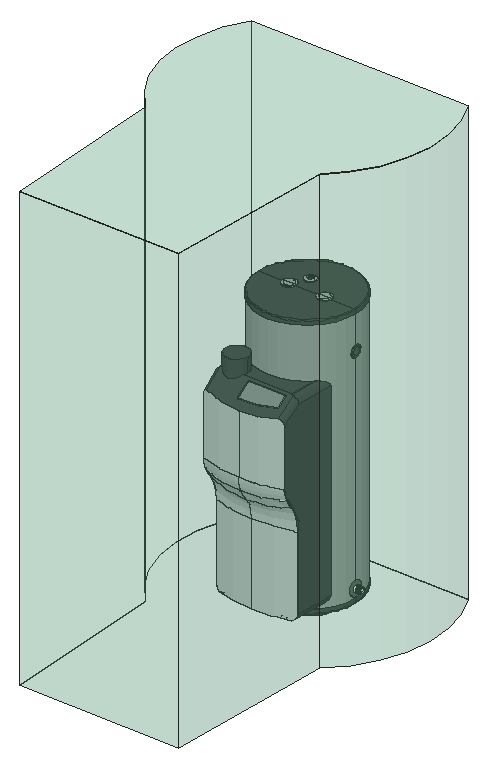
Revit family "Innovo FR_IR 24 285 FR LP", category Mechanical Equipment, Revit 2015
Parameters (values of type "IR-24-285 FR LP")
  largeur d'emballage = 786 mm  # constant formula
  l'Intervalle d'Entretien = "12 mois"  # constant formula
  Workspace Radius = Diameter + 170 mm  # 730 mm
  Workspace Height = Hauteur + 1000 mm  # 2545 mm
  Workspace Front Distance = 1000 mm
  Workspace [instance] = yes
  Valve Height 02 = if(and(Hauteur = 1745 mm, Diameter = 675 mm), 1518 mm, if(and(Hauteur = 1745 mm, Diameter = 610 mm), 1534 mm, if(Hauteur = 1545 mm, 1328 mm, 1070 mm)))  # 1328 mm
  Valve Height 01 = if(and(Diameter > 560 mm), 693 mm, 604 mm)  # 604 mm
  Valeur Maximale du Thermostat de Régulation = 85 °C  # constant formula
  Valeur Manimale du Thermostat de Régulation = 40 °C  # constant formula
  Valeur Défaut du Thermostat de Régulation = 65 °C  # constant formula
  URL = "www.aosmith.fr"
  Type d'Installation = "B23/C13/C33/C43/C53/C63"  # constant formula
  Type d'emballage = "Carton et bois"  # constant formula
  Tension d'Alimentation (-15%, +10%) = 230 V  # constant formula
  Température Maximale des Fumées = 61 °C
  Temps de réchauffement à ΔT = 70°C = "42"
  Temps de réchauffement à ΔT = 55°C = "33"
  Temps de réchauffement à ΔT = 50°C = "30"
  Temps de réchauffement à ΔT = 44°C = "27"
  Temps de réchauffement à ΔT = 28°C = "17"
  Spécifications du Produit = ""
  Réglages du thermostat du chauffe-eau = 65 °C  # constant formula
  Réglage Standard Pour = "G31"
  Rendement Saisonnier (Hs) = [Rendement (Hs, acc. NEN-EN 89 - 1999)]  # 95
  Rendement (Hs, acc. NEN-EN 89 - 1999) = 95
  Rendement (Hi, acc. NEN-EN 89 - 1999) = 106
  Raccord Évacuation de la Condensation = 40 mm  # constant formula
  Raccord de la Soupape de Vidange = 3/4"
  Raccord de Sortie d'Eau Chaude = 3/4"
  Raccord de Gaz = 15"  # constant formula
  Raccord d'Alimentation en Eau Froide = 3/4"  # constant formula
  Raccord Robinet de Vidange = 3/4"  # constant formula
  Puissance Électrique Absorbée (sommet) = 85 W
  Puissance Électrique Absorbée (nominal) = 36 W
  Profondeur d'emballage = 946 mm  # constant formula
  Profondeur = 780 mm  # constant formula
  Profils de soutirage déclaré = "XL"
  Production Nominale = "18700.0"
  Pression de Fonctionnement Maximale = 800000.0 Pa  # constant formula
  Pression Différentielle d'Ouverture de l'Interrupteur de Pression < = 115.0 Pa
  Pression Amont de Gaz = "3700 Pa"
  Precaustions during assembling, installation or maintenance = "voir Manuel d'installation, d'emploi er d'entretien"  # constant formula
  Poids à vide = 106 kg
  Poids de Transport = 122 kg
  Phase = 1
  Pertes en Veille - tous les jours (24h) = 0 W
  Pertes en Veille = 0 W
  Nombre de modèle du produit (EAN) = "8717449286101"
  Niveau du Son dB (A) = "<45"  # constant formula
  Niveau de puissance acoustique à l'intérieur = "52 dB"
  NOx-émissions mg/kWh = "30"
  NOx-émissions (ven air, 0% O2) ppm = "18"
  Modèdele = "IR-20-200"
  Model = "IR-20-200 FR LP"
  Marque commerciale = "A.O. Smith"  # constant formula
  Manufacturer = "A.O. Smith Water Products Company b.v."  # constant formula
  Largeur = Diameter  # 560 mm
  La commande intelligente = no
  L'efficacité énergétique pour le chauffage de l'eau (2) = "90%"
  L'efficacité énergétique pour le chauffage de l'eau (1) = "91%"
  Hauteur du Raccordement au Gaz = 860 mm
  Hauteur de la Sortie d'eau Chaude = 1545 mm
  Hauteur de l'Alimentation en eau Froide = 170 mm
  Hauteur d'emballage = 1695 mm
  Hauteur Conduit d'Évacuation des Fumées = 1305 mm
  Hauteur Conduit d'Alimentation en Air = 1305 mm
  Hauteur = 1545 mm
  Guide de Produit = ""
  Garantie sur la Cuve = "36 mois"  # constant formula
  Garantie Pièces = "12 mois"  # constant formula
  Fréquence secteur = 50 Hz  # constant formula
  Forctionner qu'en heures creuses = no
  Fabricant No. = "E 7110"  # constant formula
  Epaisseur d'Isolation = 50 mm
  Débit de vidage à ΔT = 70°C après 90 min. = 490.0 L
  Débit de vidage à ΔT = 70°C après 60 min. = 370.0 L
  Débit de vidage à ΔT = 70°C après 30 min. = 250.0 L
  Débit de vidage à ΔT = 70°C après 120 min. = 610.0 L
  Débit de vidage à ΔT = 55°C après 90 min. = 640.0 L
  Débit de vidage à ΔT = 55°C après 60 min. = 490.0 L
  Débit de vidage à ΔT = 55°C après 30 min. = 340.0 L
  Débit de vidage à ΔT = 55°C après 120 min. = 790.0 L
  Débit de vidage à ΔT = 50°C après 90 min. = 710.0 L
  Débit de vidage à ΔT = 50°C après 60 min. = 540.0 L
  Débit de vidage à ΔT = 50°C après 30 min. = 380.0 L
  Débit de vidage à ΔT = 50°C après 120 min. = 870.0 L
  Débit de vidage à ΔT = 44°C après 90 min. = 810.0 L
  Débit de vidage à ΔT = 44°C après 60 min. = 620.0 L
  Débit de vidage à ΔT = 44°C après 30 min. = 430.0 L
  Débit de vidage à ΔT = 44°C après 120 min. = 990.0 L
  Débit de vidage à ΔT = 28°C après 90 min. = 1300.0 L
  Débit de vidage à ΔT = 28°C après 60 min. = 990.0 L
  Débit de vidage à ΔT = 28°C après 30 min. = 700.0 L
  Débit de vidage à ΔT = 28°C après 120 min. = 1600.0 L
  Débit de vidage en Continu à ΔT = 70°C = 240.0 L/s
  Débit de vidage en Continu à ΔT = 55°C = 300.0 L/s
  Débit de vidage en Continu à ΔT = 50°C = 330.0 L/s
  Débit de vidage en Continu à ΔT = 44°C = 380.0 L/s
  Débit de vidage en Continu à ΔT = 28°C = 590.0 L/s
  Diamètre Cheminée - Système Parallèle = "2x80"  # constant formula
  Diamètre Cheminée - Système Concentrique = "80/125 mm/mm"  # constant formula
  Diamètre Cheminée - Boiler = "80/125 mm/mm"  # constant formula
  Diameter = 560 mm
  Destination / Country = "France"  # constant formula
  Description = "Préparateur ECS Solaire en Combinaison avec Réservoir de Stockage"  # constant formula
  D'autres profils de soutirage = "XXL"
  Created By = "http://www.cadcompany.nl/"
  Consommation de Gaz - Volume ltr/hr = "a/p"
  Consommation de Gaz - Masse kg/h = "1.40"
  Class d'efficacité énergétique (2) = "A"
  Class d'efficacité énergétique (1) = "A"  # constant formula
  Charge Nominale (Valeur Supérieure) = "19600.0"
  Charge Nominale (Valeur Inférieure) = "18000.0"
  Charge Maximale au Sol = 322 kg
  Catégorie de Gaz = "II2Esi3P"  # constant formula
  Capacité = 200.0 L
  CO2 Émissions (tol. +/- 1.0) vol% = "10"
  CE-PIN = "0063CQ3037"  # constant formula
  BIM Content Developer = "CAD & Company"  # constant formula
  Assembly Code = "D3010"
  Annual fuel consumption (2) = "21 GJ GCV"
  Annual fuel consumption (1) = "16 GJ GCV"
  Annual electricity consumption (2) = "42 kWh"
  Annual electricity consumption (1) = "40 kWh"
  2ème Entretien (Entretien Général) = "12 mois après l'installation"  # constant formula
  1er Entretien (check-up) = "3 mois après l'installation"  # constant formula
Reference planes
  plane 1 "Center (Front/Back)": y = 0
  plane 2: z = 0
  plane 3 "Center (Left/Right)": x = 0
  plane 4 "Pipe": through (-383.901, 912.349, 194.799) normal (-0.0879, -0.0879, 0.9923)
  plane 5 "footing": y = 118.925
  plane 6 "footing front": y = -237.85
  plane 7: x = -280
  plane 8: x = 280
  plane 9: z = 1545
Forms (mm)
  Revolve 1, solid, material "RAL 9005", detail levels medium+fine
    sketch origin (0, -237.85, 0) x (-1, 0, 0) y (0, 0, 1)
      loop
        line (0, 28.9) -> (-15, 28.9) -> (-15, 26.4) -> (-8.671, 26.4) -> (-8.671, 18) -> (-5.686, 18) -> (-6.626, 17.06) -> (-6.626, 12.06) -> (-8.671, 12.06) -> (-8.671, 10) -> (-10.031, 10) -> (-23.271, 5.181)
        arc (-23.271, 5.181) -> (-23.763, 4.836) -> (-24.017, 4.293) r 1.159
        line (-24.017, 4.293) -> (-24.017, 1.03)
        arc (-24.017, 1.03) -> (-23.715, 0.302) -> (-22.986, 0) r 1.03
        line (-22.986, 0) -> (0, 0) -> (0, 28.9)
      axis (0, 28.9) -> (0, 0)
    angle from 0 to 360
  Revolve 2, solid, material "RAL 9005", detail levels medium+fine
    sketch origin (0, 118.925, 0) x (-1, 0, 0) y (0, 0, 1)
      loop
        line (-180.984, 28.9) -> (-195.984, 28.9) -> (-195.984, 26.4) -> (-189.655, 26.4) -> (-189.655, 18) -> (-186.67, 18) -> (-187.61, 17.06) -> (-187.61, 12.06) -> (-189.655, 12.06) -> (-189.655, 10) -> (-191.015, 10) -> (-204.256, 5.181)
        arc (-204.256, 5.181) -> (-204.747, 4.836) -> (-205.001, 4.293) r 1.159
        line (-205.001, 4.293) -> (-205.001, 1.03)
        arc (-205.001, 1.03) -> (-204.699, 0.302) -> (-203.971, 0) r 1.03
        line (-203.971, 0) -> (-180.984, 0) -> (-180.984, 28.9)
      axis (-180.984, 28.9) -> (-180.984, 0)
    angle from 0 to 360
  Revolve 3, solid, material "RAL 9005", detail levels medium+fine
    sketch origin (0, 118.925, 0) x (-1, 0, 0) y (0, 0, 1)
      loop
        line (179.016, 28.9) -> (164.016, 28.9) -> (164.016, 26.4) -> (170.345, 26.4) -> (170.345, 18) -> (173.33, 18) -> (172.39, 17.06) -> (172.39, 12.06) -> (170.345, 12.06) -> (170.345, 10) -> (168.985, 10) -> (155.744, 5.181)
        arc (155.744, 5.181) -> (155.253, 4.836) -> (154.999, 4.293) r 1.159
        line (154.999, 4.293) -> (154.999, 1.03)
        arc (154.999, 1.03) -> (155.301, 0.302) -> (156.029, 0) r 1.03
        line (156.029, 0) -> (179.016, 0) -> (179.016, 28.9)
      axis (179.016, 28.9) -> (179.016, 0)
    angle from 0 to 360
Lines and regions (mm)
  symbolic lines
    curve 1: line (0, 280.06, 0) -> (0, -280.06, 0)
    curve 2: line (-255.06, 0, 0) -> (255.06, 0, 0)
  symbolic lines, style "Workspace"
    curve 3: line (623.261, 380.06, 0) -> (-623.261, 380.06, 0)
    curve 4: arc (-623.261, 380.06, 0) -> (-726.942, -66.745, 0) -> (-543.632, -487.2, 0) r 730
    curve 5: line (-543.632, -487.2, 0) -> (-396.783, -1492.825, 0)
    curve 6: line (-396.783, -1492.825, 0) -> (399.03, -1492.825, 0)
    curve 7: line (399.03, -1492.825, 0) -> (545.76, -484.816, 0)
    curve 8: arc (545.76, -484.816, 0) -> (727.087, -65.154, 0) -> (623.261, 380.06, 0) r 730
Dimensions and locks
  plane 5 "footing" to plane 1 "Center (Front/Back)" = 118.925 mm
  plane 1 "Center (Front/Back)" to plane 6 "footing front" = 237.85 mm
  "Diameter": plane 7 to plane 8
  equal spacing: plane 7, plane 3 "Center (Left/Right)", plane 8
  "Hauteur": plane 9 to plane 2
  "Workspace Front Distance": curve 6 to nested 3
  "Workspace Radius": radius of curve 4
  "Workspace Radius": radius of curve 8
  aligned and locked: level to plane 2
  aligned and locked: nested 3 to Revolve 1 sketch curve
  aligned and locked: plane 3 "Center (Left/Right)" to Revolve 1 sketch curve
  aligned and locked: nested 3 to plane 1 "Center (Front/Back)"
  aligned and locked: plane 3 "Center (Left/Right)" to nested 3
  aligned and locked: nested 1 to plane 8
  aligned and locked: nested 5 to plane 8
  aligned and locked: nested 2 to plane 7
  aligned and locked: nested 4 to plane 7
  aligned and locked: nested 7 to plane 7
  aligned and locked: nested 8 to plane 3 "Center (Left/Right)"
  aligned and locked: nested 8 to nested 3
  aligned and locked: curve 3 to nested 8
Automatic sketch dimensions
  Revolve 1 sketch curve to level = 0 mm
  plane 3 "Center (Left/Right)" to Revolve 1 sketch curve = 5.686 mm
  Revolve 1 sketch curve to Revolve 1 sketch curve = 0.94 mm  (x2)
  Revolve 1 sketch curve to Revolve 1 sketch curve = 2.046 mm  (x2)
  Revolve 1 sketch curve to Revolve 1 sketch curve = 1.359 mm
  Revolve 1 sketch curve to Revolve 1 sketch curve = 6.329 mm
  level to Revolve 1 sketch curve = 4.091 mm
  Revolve 1 sketch curve to Revolve 1 sketch curve = 12.844 mm
  level to Revolve 1 sketch curve = 1.03 mm
  Revolve 1 sketch curve to Revolve 1 sketch curve = 0.111 mm
  level to Revolve 1 sketch curve = 5.181 mm
  Revolve 1 sketch curve to Revolve 1 sketch curve = 0.745 mm
  level to Revolve 1 sketch curve = 10 mm
  Revolve 1 sketch curve to Revolve 1 sketch curve = 2.06 mm
  Revolve 1 sketch curve to Revolve 1 sketch curve = 5 mm
  Revolve 1 sketch curve to Revolve 1 sketch curve = 8.4 mm
  Revolve 1 sketch curve to Revolve 1 sketch curve = 2.5 mm
  Revolve 1 sketch curve to level = 19.635 mm
  Revolve 1 sketch curve to Revolve 1 sketch curve = 46.465 mm
  Revolve 2 sketch curve to level = 0 mm
  level to Revolve 2 sketch curve = 1.03 mm
  Revolve 2 sketch curve to plane 8 = 74.999 mm
  level to Revolve 2 sketch curve = 5.181 mm
  Revolve 2 sketch curve to Revolve 2 sketch curve = 0.745 mm
  Revolve 2 sketch curve to Revolve 2 sketch curve = 0.397 mm
  Revolve 2 sketch curve to Revolve 2 sketch curve = 8.271 mm
  Revolve 2 sketch curve to Revolve 2 sketch curve = 13.241 mm
  Revolve 2 sketch curve to Revolve 2 sketch curve = 1.359 mm
  Revolve 2 sketch curve to Revolve 2 sketch curve = 6.329 mm
  Revolve 2 sketch curve to Revolve 2 sketch curve = 2.046 mm
  level to Revolve 2 sketch curve = 18 mm
  Revolve 2 sketch curve to Revolve 2 sketch curve = 0.94 mm  (x2)
  Revolve 2 sketch curve to Revolve 2 sketch curve = 8.671 mm
  Revolve 2 sketch curve to Revolve 2 sketch curve = 1.089 mm
  Revolve 2 sketch curve to Revolve 2 sketch curve = 8 mm
  Revolve 2 sketch curve to Revolve 2 sketch curve = 2.06 mm
  Revolve 2 sketch curve to Revolve 2 sketch curve = 8.4 mm
  Revolve 2 sketch curve to Revolve 2 sketch curve = 2.5 mm
  Revolve 2 sketch curve to Revolve 2 sketch curve = 0 mm
  Revolve 2 sketch curve to level = 19.635 mm
  Revolve 2 sketch curve to Revolve 2 sketch curve = 46.465 mm
  Revolve 3 sketch curve to level = 0 mm
  level to Revolve 3 sketch curve = 1.03 mm
  Revolve 3 sketch curve to plane 7 = 125.001 mm
  level to Revolve 3 sketch curve = 5.181 mm
  Revolve 3 sketch curve to Revolve 3 sketch curve = 0.745 mm
  Revolve 3 sketch curve to Revolve 3 sketch curve = 0.397 mm
  Revolve 3 sketch curve to Revolve 3 sketch curve = 8.271 mm
  Revolve 3 sketch curve to Revolve 3 sketch curve = 13.241 mm
  Revolve 3 sketch curve to Revolve 3 sketch curve = 1.359 mm
  Revolve 3 sketch curve to Revolve 3 sketch curve = 6.329 mm
  Revolve 3 sketch curve to Revolve 3 sketch curve = 2.046 mm
  level to Revolve 3 sketch curve = 18 mm
  Revolve 3 sketch curve to Revolve 3 sketch curve = 0.94 mm  (x2)
  Revolve 3 sketch curve to Revolve 3 sketch curve = 8.671 mm
  Revolve 3 sketch curve to Revolve 3 sketch curve = 1.089 mm
  Revolve 3 sketch curve to Revolve 3 sketch curve = 8 mm
  Revolve 3 sketch curve to Revolve 3 sketch curve = 2.06 mm
  Revolve 3 sketch curve to Revolve 3 sketch curve = 8.4 mm
  Revolve 3 sketch curve to Revolve 3 sketch curve = 2.5 mm
  Revolve 3 sketch curve to Revolve 3 sketch curve = 0 mm
  Revolve 3 sketch curve to level = 19.635 mm
  Revolve 3 sketch curve to Revolve 3 sketch curve = 46.465 mm
  curve 4 to curve 8 = 0 mm  (x2)
  plane 1 "Center (Front/Back)" to curve 2 = 0 mm
  curve 1 to plane 3 "Center (Left/Right)" = 0 mm
  plane 1 "Center (Front/Back)" to curve 4 = 0 mm
  curve 4 to plane 3 "Center (Left/Right)" = 0 mm
  curve 5 to plane 6 "footing front" = 249.35 mm
  plane 7 to curve 5 = 116.783 mm
  plane 8 to curve 7 = 119.03 mm
  curve 7 to plane 6 "footing front" = 246.966 mm
  curve 2 to plane 7 = 24.94 mm
  curve 2 to plane 8 = 24.94 mm
  curve 1 to plane 6 "footing front" = 42.21 mm
  plane 5 "footing" to curve 1 = 161.135 mm
Nested families
  nested 1: "Valve" at (280, -0.38, 1328) x (0, 1, 0) z (0, 0, 1), built-in parameter 1001364 <- "Valve Height 02", type "Valve"
  nested 2: "Drain Valve" at (-280, 0, 1328), built-in parameter 1001364 <- "Valve Height 02", type "Drain Valve"
  nested 3: "Housing Mother Housing S 57 (external)" at (0, -274.886, 0), type "Housing Mother_Housing S_57"
  nested 4: "Drain Valve" at (-280, 0, 177), type "Drain Valve"
  nested 5: "Drain Valve" at (280, 0, 107) x (-1, 0, 0) z (0, 0, 1), type "Drain Valve"
  nested 6: "Boiler" at (0, 0, 0), height <- "Hauteur", type "Boiler"
    with height 1545 mm
  nested 7: "Drain Valve" at (-280, 0, 604), built-in parameter 1001364 <- "Valve Height 01", type "Drain Valve"
  nested 8: "Innovo_workspace" at (0, 0, 0), Workspace Distance Front <- "Workspace Front Distance", Workspace <- "Workspace", Workspace Height <- "Workspace Height", Workspace Radius <- "Workspace Radius", type "Workspace"
    with Workspace Radius 730 mm, Workspace Height 2545 mm, Workspace Distance Front 1000 mm, Workspace yes, Center to Front 492.825 mm
Connectors
  piping at (314.826, 0, 107), diameter 19.05, driven by "Raccord Robinet de Vidange"
    settings: on nested 5, index 1, connector inside diameter 24", connector length 0 mm, flow factor 0, pipe flow 0.0 L/s, pressure drop 0.0 Pa, fitting loss kfactor 0, connector angle 0.00°, fixture units 0, engagement length 0 mm, angle of deflection 0.00°, flow configuration 0, flow direction 0, fitting loss method 0, system type 19, joint type 0, gender type 0, connector reference index -1, connector utility 0, adjustable connector no, is connector primary yes, connector description ""
  hvac at (-147.013, -321.326, 1310.674)
    settings: on nested 3, index 2, duct flow 0.0 L/s, flow factor 0, pres drop 0.0 Pa, loss coef 0, conn angle 0.00°, conn width 304.8 mm, conn height 304.8 mm, conn diameter 125 mm, duct sys type 4, conn prof type 0, flow config 0, flow direction 0, loss method 0, conn ref index -1, conn util no, is conn primary yes, conn desc ""
Definition of nested family "Valve"
  Parameters (values of type "Valve")
    Type Comments = "T&P valve (internal)"
    Manufacturer = "A.O. Smith"
  Reference planes
    plane 1 "Center (Front/Back)": y = 0
    plane 2: z = 0
    plane 3 "Center (Left/Right)": x = 0
  Forms (mm)
    Extrusion 1, solid, detail levels fine
      sketch origin (0, 0, 0) x (1, 0, 0) y (0, 0, 1)
        loop
          circle (0, 0) r 31.5
      from -2.271 to 1.4
    Sweep 2, solid, detail levels fine
      path origin (0, -1.4, 0) x (1, 0, 0) y (0, 0, 1)
        loop
          circle (0, 0) r 31.5
      profile origin (0, -1.4, 31.5) x (0, 0, -1) y (0, -1, 0)
        loop
          line (7.3, 0) -> (7.3, 3) -> (0, 0) -> (7.3, 0)
  Dimensions and locks
    aligned and locked: level to plane 2
Definition of nested family "Drain Valve"
  Reference planes
    plane 1 "Center (Front/Back)": y = 0
    plane 2: z = 0
    plane 3 "Center (Left/Right)": x = 0
  Forms (mm)
    Revolve 1, solid, detail levels medium+fine
      sketch origin (0, 0, 0) x (1, 0, 0) y (0, 0, 1)
        loop
          line (-33.442, 15.696) -> (-34.826, 14.329) -> (-34.93, 12.731) -> (-16.555, 12.731) -> (-16.555, 0) -> (15.787, 0) -> (15.787, 18.3) -> (-14.4, 18.3) -> (-17.148, 15.533) -> (-18.729, 16.697) -> (-20.091, 15.333) -> (-21.672, 16.496) -> (-23.034, 15.133) -> (-24.614, 16.296) -> (-25.976, 14.932) -> (-27.557, 16.096) -> (-28.919, 14.732) -> (-30.5, 15.896) -> (-31.862, 14.532) -> (-33.442, 15.696)
        axis (-34.93, 0) -> (15.787, 0)
      angle from 0 to 360
  Dimensions and locks
    aligned and locked: level to plane 2
  Nested families
    nested 1: "Rubber sealing" at (2.592, -0.155, 0) x (0.0023, -1, 0) z (0, 0, 1), type "Rubber sealing", detail levels fine
  Definition of nested family "Rubber sealing"
    Reference planes
      plane 1 "Center (Front/Back)": y = 0
      plane 2: z = 0
      plane 3 "Center (Left/Right)": x = 0
    Forms (mm)
      Extrusion 1, solid, detail levels fine
        sketch origin (141.861, 319.581, 0) x (1, 0, 0) y (0, 1, 0)
          loop
            line (-216.354, -311.898) -> (-216.354, -313.94)
            arc (-216.354, -313.94) -> (-141.602, -321.581) -> (-66.861, -313.835) r 366.966
            line (-66.861, -313.835) -> (-66.861, -311.791)
            arc (-66.861, -311.791) -> (-141.602, -319.581) -> (-216.354, -311.898) r 364.966
        from -80 to 80
      Extrusion 2, void
        sketch origin (141.861, 319.581, 0) x (1, 0, 0) y (0, 0, 1)
          loop
            circle (-141.861, 0) r 13
          loop
            circle (-141.861, 0) r 110
          loop
            circle (-141.861, 0) r 40
        from 311.563 to 332.684
      Extrusion 3, void
        sketch origin (141.861, 319.581, 0) x (1, 0, 0) y (0, 0, 1)
          loop
            circle (-141.861, 0) r 18.25
        from 315.524 to 326.084
    Cuts and joins
      Extrusion 2, Extrusion 3 cuts Extrusion 1
    Dimensions and locks
      aligned and locked: level to plane 2
Definition of nested family "Housing Mother Housing S 57 (external)"
  Parameters (values of type "Housing Mother_Housing S_57")
    radius [instance] = 280 mm
    distance to boiler center = if(diameter = 675 mm, 189 mm, if(diameter = 610 mm, 154 mm, 129 mm))  # 129 mm
    diameter = 560 mm
  Reference planes
    plane 1 "Center (Front/Back)": y = 0
    plane 2: z = 0
    plane 3 "Center (Left/Right)": x = 0
    plane 4 "left": through (-245.286, 145.886, 1200) normal (0.9994, 0.0349, 0)
    plane 5: y = -217.939
    plane 6: y = 145.886
    plane 7: z = 1232.6
    plane 8: z = 65.89
    plane 9 "right": through (245.286, 145.886, 1200) normal (0.9994, -0.0349, 0)
    plane 10 "display": through (0, -90.37, 1221.196) normal (0, -0.5736, 0.8192)
    plane 11 "Potentiostat": z = 867.899
    plane 12 "boiler center": y = 274.886
    plane 13: x = -280
    plane 14: x = 280
  Forms (mm)
    Extrusion 1, solid
      sketch origin (0, 0, 0) x (1, 0, 0) y (0, 1, 0)
        loop
          line (-245.286, 145.886) -> (-232.581, -217.939) -> (232.581, -217.939) -> (245.286, 145.886)
          arc (245.286, 145.886) -> (0, 0.923) -> (-245.286, 145.886) r 280
      from 0 to 1232.6
    Sweep 2, void
      path origin (0, 0, 0) x (0, 1, 0) y (0, 0, 1)
        loop
          line (-217.939, 1232.6) -> (-217.939, 795.555)
          arc (-217.939, 795.555) -> (-212.387, 754.285) -> (-197.694, 715.322) r 183.924
          arc (-197.694, 715.322) -> (-179.915, 684.628) -> (-159.106, 655.901) r 348.284
          arc (-159.106, 655.901) -> (-131.411, 600.328) -> (-121.88, 538.973) r 202.254
          line (-121.88, 538.973) -> (-121.88, 61.106)
      profile origin (0, -217.939, 1014.077) x (1, 0, 0) y (0, 1, 0)
        loop
          arc (0, 0) -> (-117.533, 9.941) -> (-231.728, 39.475) r 699.984
          arc (-231.728, 39.475) -> (-233.391, 40.705) -> (-234.07, 42.659) r 3.505
          line (-234.07, 42.659) -> (-254.062, 42.659) -> (-254.062, -142.593) -> (254.07, -142.593) -> (254.07, 42.659) -> (234.07, 42.659)
          arc (234.07, 42.659) -> (233.391, 40.705) -> (231.728, 39.475) r 3.505
          arc (231.728, 39.475) -> (117.533, 9.941) -> (0, 0) r 699.984
    Extrusion 3, void
      sketch origin (0, 0, 0) x (0, 1, 0) y (0, 0, 1)
        loop
          arc (102.864, 70.869) -> (99.804, 70.709) -> (96.874, 69.813) r 12.57
          arc (96.874, 69.813) -> (87.878, 66.533) -> (78.516, 64.529) r 69.114
          arc (78.516, 64.529) -> (76.41, 64.284) -> (74.294, 64.148) r 41.206
          arc (74.294, 64.148) -> (65.203, 64.335) -> (56.122, 64.782) r 318.661
          arc (56.122, 64.782) -> (30.585, 66.179) -> (5.028, 67.128) r 1456.581
          line (5.028, 67.128) -> (-84.534, 73.135)
          arc (-84.534, 73.135) -> (-86.363, 73.808) -> (-87.536, 75.365) r 3.455
          line (-87.536, 75.365) -> (-264.473, 75.365) -> (-264.473, 0) -> (160.886, 0) -> (160.886, 103.945) -> (145.886, 103.945)
          arc (145.886, 103.945) -> (145.104, 97.827) -> (142.923, 92.059) r 26.364
          arc (142.923, 92.059) -> (141.067, 88.936) -> (138.867, 86.045) r 31.715
          arc (138.867, 86.045) -> (135.576, 82.49) -> (132.021, 79.2) r 62.615
          arc (132.021, 79.2) -> (125.841, 74.697) -> (119.091, 71.103) r 54.444
          arc (119.091, 71.103) -> (116.371, 70.272) -> (113.531, 70.123) r 11.669
          line (113.531, 70.123) -> (102.864, 70.869)
      from -254.062 to 254.07
    Sweep 4, void
      path origin (0, 0, 0) x (1, 0, 0) y (0, 1, 0)
        loop
          line (-245.286, 145.886) -> (-232.581, -217.939)
      profile origin (-238.933, -36.027, 0) x (0.999391, 0.034899, 0) y (0, 0, 1)
        loop
          line (-4.454, 0) -> (47.084, 0) -> (47.084, 73.431)
          arc (47.084, 73.431) -> (14.222, 85.134) -> (0.255, 117.1) r 43.922
          line (0.255, 117.1) -> (-4.454, 117.1) -> (-4.454, 0)
    Sweep 5, void
      path origin (0, 0, 0) x (-1, 0, 0) y (0, 1, 0)
        loop
          line (-245.286, 145.886) -> (-232.581, -217.939)
      profile origin (238.933, -36.027, 0) x (0.999391, -0.034899, 0) y (0, 0, 1)
        loop
          line (4.454, 0) -> (4.454, 117.1) -> (-0.255, 117.1)
          arc (-0.255, 117.1) -> (-14.222, 85.134) -> (-47.084, 73.431) r 43.922
          line (-47.084, 73.431) -> (-47.084, 0) -> (4.454, 0)
    Sweep 6, void
      path origin (-239.899, -8.377, 0) x (-0.034899, 0.999391, 0) y (0, 0, 1)
        loop
          line (-209.69, 1141.272) -> (-79.18, 1232.6) -> (154.358, 1232.6)
      profile origin (-241.211, 29.188, 1232.6) x (0, 0, 1) y (0.999391, 0.034899, 0)
        loop
          line (-45, -30) -> (75, -30) -> (75, 0) -> (75, 55) -> (2.799, 55) -> (-1.253, 35.128)
          arc (-1.253, 35.128) -> (-16.771, 9.564) -> (-45, -0.308) r 44.287
          line (-45, -0.308) -> (-45, -30)
    Sweep 7, void
      path origin (239.899, -8.377, 0) x (0.034899, 0.999391, 0) y (0, 0, 1)
        loop
          line (-209.69, 1141.272) -> (-79.18, 1232.6) -> (154.358, 1232.6)
      profile origin (241.211, 29.188, 1232.6) x (0, 0, -1) y (-0.999391, 0.034899, 0)
        loop
          line (-75, -25) -> (45, -25) -> (45, -0.308)
          arc (45, -0.308) -> (16.771, 9.564) -> (1.253, 35.128) r 44.287
          line (1.253, 35.128) -> (-2.799, 55) -> (-75, 55) -> (-75, -25)
    Extrusion 8, void
      sketch origin (0, 0, 0) x (0, 1, 0) y (0, 0, 1)
        loop
          line (-270, 1336.099) -> (-270, 1099.081) -> (68.497, 1336.099) -> (-270, 1336.099)
      from -425.038 to 444.42
    Extrusion 9, solid, detail levels medium+fine
      sketch origin (0, 0, 0) x (1, 0, 0) y (0, 1, 0)
        loop
          circle (-147.013, -46.44) r 65
      from 1163.174 to 1310.674
    Extrusion 10, void
      sketch origin (0, -603.506, 861.895) x (0, 0.819152, 0.573576) y (-1, 0, 0)
        loop
          arc (618.322, -173) -> (623.272, -170.95) -> (625.322, -166) r 7
          line (625.322, -166) -> (625.322, 35)
          arc (625.322, 35) -> (623.272, 39.95) -> (618.322, 42) r 7
          line (618.322, 42) -> (535.473, 42)
          arc (535.473, 42) -> (530.688, 40.11) -> (528.488, 35.46) r 7
          arc (528.488, 35.46) -> (531.569, -67.592) -> (554.18, -168.18) r 540
          arc (554.18, -168.18) -> (556.724, -171.668) -> (560.831, -173) r 7
          line (560.831, -173) -> (618.322, -173)
      from 0 to 137.286
    Sweep 11, solid, detail levels fine
      path origin (0, 0, 867.899) x (-1, 0, 0) y (0, -1, 0)
        loop
          line (309.749, -35.617) -> (204.371, -35.617)
          arc (204.371, -35.617) -> (196.509, -34.687) -> (189.082, -31.947) r 33.677
          line (189.082, -31.947) -> (-9.574, 69.274)
      profile origin (-257.06, 35.617, 867.899) x (0, 1, 0) y (0, 0, 1)
        loop
          circle (0, 0) r 7.316
        loop
          circle (0, 0) r 6.465
    Revolve 12, void
      sketch origin (0, 274.886, 0) x (-1, 0, 0) y (0, 0, 1)
        loop
          line (280, 1243.838) -> (0, 1243.838) -> (0, 54.9) -> (280, 54.9) -> (280, 1243.838)
        axis (0, 1243.838) -> (0, 54.9)
      angle from 0 to 360
  Cuts and joins
    Sweep 2, Extrusion 3, Sweep 4, Sweep 5, Sweep 6, Sweep 7, Extrusion 8, Extrusion 10, Revolve 12 cuts Extrusion 1
  Dimensions and locks
    plane 8 to plane 2 = 65.89 mm
    plane 7 to plane 8 = 1166.71 mm
    "distance to boiler center": plane 12 "boiler center" to plane 6
    "diameter": plane 14 to plane 13
    equal spacing: plane 14, plane 3 "Center (Left/Right)", plane 13
    "radius": plane 3 "Center (Left/Right)" to plane 13
    aligned and locked: level to plane 2
    aligned and locked: Extrusion 1 to plane 7
    aligned and locked: Extrusion 1 sketch curve to plane 5
    aligned and locked: Sweep 2 to Extrusion 3
    aligned and locked: Extrusion 3 to Sweep 2  (x2)
    aligned and locked: plane 7 to Sweep 2 sketch curve
    aligned and locked: plane 3 "Center (Left/Right)" to Revolve 12 sketch curve
    aligned and locked: Revolve 12 sketch curve to plane 3 "Center (Left/Right)"
    aligned and locked: plane 13 to Revolve 12 sketch curve
  Automatic sketch dimensions
    Extrusion 1 sketch curve to plane 4 "left" = 0 mm  (x2)
    Extrusion 1 sketch curve to plane 6 = 0 mm  (x2)
    Extrusion 1 sketch curve to plane 3 "Center (Left/Right)" = 0 mm
    Extrusion 1 sketch curve to plane 9 "right" = 0 mm
    plane 6 to Extrusion 1 sketch curve = 135.037 mm
    Sweep 2 sketch curve to plane 5 = 0 mm
    plane 5 to Sweep 2 sketch curve = 106.195 mm
    Sweep 2 sketch curve to plane 5 = 96.059 mm
    plane 1 "Center (Front/Back)" to Sweep 2 sketch curve = 34.053 mm
    plane 11 "Potentiostat" to Sweep 2 sketch curve = 6.417 mm
    Sweep 2 sketch curve to plane 6 = 33.705 mm
    Sweep 2 sketch curve to plane 11 "Potentiostat" = 68.615 mm
    Sweep 2 sketch curve to plane 11 "Potentiostat" = 72.345 mm
    Sweep 2 sketch curve to Sweep 2 sketch curve = 176.349 mm
    Sweep 2 sketch curve to Sweep 2 sketch curve = 0 mm  (x2)
    plane 8 to Sweep 2 sketch curve = 4.784 mm
    Extrusion 3 sketch curve to level = 0 mm
    Extrusion 3 sketch curve to plane 6 = 0 mm
    Extrusion 3 sketch curve to plane 6 = 26.363 mm
    Extrusion 3 sketch curve to Extrusion 3 sketch curve = 4.75 mm
    Extrusion 3 sketch curve to Extrusion 3 sketch curve = 5.179 mm
    Extrusion 3 sketch curve to plane 8 = 4.232 mm
    Extrusion 3 sketch curve to Extrusion 3 sketch curve = 0.814 mm
    Extrusion 3 sketch curve to plane 8 = 4.978 mm
    Extrusion 3 sketch curve to Extrusion 3 sketch curve = 10.667 mm
    Extrusion 3 sketch curve to Extrusion 3 sketch curve = 0.877 mm
    Extrusion 3 sketch curve to Extrusion 3 sketch curve = 17.827 mm
    Extrusion 3 sketch curve to Extrusion 3 sketch curve = 5.646 mm
    Extrusion 3 sketch curve to plane 6 = 69.562 mm
    Extrusion 3 sketch curve to Extrusion 3 sketch curve = 18.6 mm
    Extrusion 3 sketch curve to Extrusion 3 sketch curve = 22.538 mm
    Extrusion 3 sketch curve to plane 8 = 1.238 mm
    Extrusion 3 sketch curve to plane 1 "Center (Front/Back)" = 5.028 mm
    plane 1 "Center (Front/Back)" to Extrusion 3 sketch curve = 36.224 mm
    Extrusion 3 sketch curve to plane 8 = 10.692 mm
    plane 1 "Center (Front/Back)" to Extrusion 3 sketch curve = 84.302 mm
    Extrusion 3 sketch curve to plane 8 = 7.244 mm
    Extrusion 3 sketch curve to Extrusion 3 sketch curve = 0.231 mm
    Extrusion 3 sketch curve to Extrusion 3 sketch curve = 3.234 mm
    plane 5 to Extrusion 3 sketch curve = 46.534 mm
    plane 6 to Extrusion 3 sketch curve = 15 mm
    Extrusion 3 sketch curve to level = 1388.869 mm
    plane 8 to Extrusion 3 sketch curve = 7.561 mm
    Extrusion 3 sketch curve to Extrusion 3 sketch curve = 11.64 mm
    Extrusion 3 sketch curve to plane 8 = 38.054 mm
    Extrusion 3 sketch curve to Extrusion 3 sketch curve = 22.442 mm
    Extrusion 3 sketch curve to plane 8 = 39.432 mm
    Extrusion 3 sketch curve to Extrusion 3 sketch curve = 2.466 mm
    Extrusion 3 sketch curve to Extrusion 3 sketch curve = 14.17 mm
    Extrusion 3 sketch curve to Extrusion 3 sketch curve = 5.925 mm
    Extrusion 3 sketch curve to Extrusion 3 sketch curve = 6.186 mm
    Extrusion 3 sketch curve to Extrusion 3 sketch curve = 249.85 mm
    Extrusion 3 sketch curve to Extrusion 3 sketch curve = 0 mm  (x4)
    Extrusion 3 sketch curve to Extrusion 3 sketch curve = 6.845 mm
    plane 8 to Extrusion 3 sketch curve = 1.743 mm
    Sweep 4 sketch curve to plane 4 "left" = 0 mm  (x2)
    Sweep 4 sketch curve to plane 6 = 0 mm
    plane 5 to Sweep 4 sketch curve = 0 mm
    Sweep 4 sketch curve to level = 0 mm
    profile plane to Sweep 4 sketch curve = 4.454 mm
    Sweep 4 sketch curve to profile plane = 0.255 mm
    Sweep 4 sketch curve to Sweep 4 sketch curve = 43.922 mm
    Sweep 4 sketch curve to profile plane = 47.084 mm
    level to Sweep 4 sketch curve = 73.431 mm
    Sweep 4 sketch curve to Sweep 4 sketch curve = 43.669 mm
    Sweep 5 sketch curve to plane 6 = 0 mm
    Sweep 5 sketch curve to plane 9 "right" = 0 mm  (x2)
    plane 5 to Sweep 5 sketch curve = 0 mm
    Sweep 5 sketch curve to level = 0 mm
    profile plane to Sweep 5 sketch curve = 47.084 mm
    Sweep 5 sketch curve to Sweep 5 sketch curve = 2.907 mm
    profile plane to Sweep 5 sketch curve = 0.255 mm
    Sweep 5 sketch curve to profile plane = 4.454 mm
    level to Sweep 5 sketch curve = 73.431 mm
    Sweep 5 sketch curve to Sweep 5 sketch curve = 43.669 mm
    Sweep 6 sketch curve to plane 7 = 0 mm
    plane 7 to Sweep 6 sketch curve = 91.328 mm
    Sweep 6 sketch curve to Sweep 6 sketch curve = 130.509 mm
    Sweep 6 sketch curve to Sweep 6 sketch curve = 233.538 mm
    Sweep 6 sketch curve to plane 4 "left" = 0 mm
    profile plane to Sweep 6 sketch curve = 45 mm
    Sweep 6 sketch curve to Sweep 6 sketch curve = 0.354 mm
    profile plane to Sweep 6 sketch curve = 1.253 mm
    Sweep 6 sketch curve to profile plane = 2.799 mm
    Sweep 6 sketch curve to Sweep 6 sketch curve = 72.201 mm
    Sweep 6 sketch curve to plane 4 "left" = 0.308 mm
    Sweep 6 sketch curve to Sweep 6 sketch curve = 29.692 mm
    plane 4 "left" to Sweep 6 sketch curve = 35.128 mm
    plane 4 "left" to Sweep 6 sketch curve = 55 mm
    Sweep 7 sketch curve to plane 7 = 0 mm
    Sweep 7 sketch curve to plane 7 = 91.328 mm
    Sweep 7 sketch curve to Sweep 7 sketch curve = 130.509 mm
    Sweep 7 sketch curve to Sweep 7 sketch curve = 233.538 mm
    Sweep 7 sketch curve to plane 9 "right" = 25 mm
    profile plane to Sweep 7 sketch curve = 75 mm
    profile plane to Sweep 7 sketch curve = 2.799 mm
    Sweep 7 sketch curve to profile plane = 1.253 mm
    Sweep 7 sketch curve to Sweep 7 sketch curve = 43.393 mm
    Sweep 7 sketch curve to profile plane = 45 mm
    Sweep 7 sketch curve to plane 9 "right" = 0.308 mm
    plane 9 "right" to Sweep 7 sketch curve = 35.128 mm
    Sweep 7 sketch curve to Sweep 7 sketch curve = 19.872 mm
    plane 5 to Extrusion 8 sketch curve = 52.061 mm
    Extrusion 8 sketch curve to plane 1 "Center (Front/Back)" = 68.497 mm
    plane 7 to Extrusion 8 sketch curve = 133.519 mm
    Extrusion 8 sketch curve to plane 7 = 103.499 mm
    plane 1 "Center (Front/Back)" to Extrusion 9 sketch curve = 46.44 mm
    Extrusion 9 sketch curve to plane 3 "Center (Left/Right)" = 147.013 mm
    Extrusion 10 sketch curve to plane 3 "Center (Left/Right)" = 0 mm
    Extrusion 10 sketch curve to plane 3 "Center (Left/Right)" = 35 mm
    Extrusion 10 sketch curve to Extrusion 10 sketch curve = 25.359 mm
    Extrusion 10 sketch curve to Extrusion 10 sketch curve = 57.491 mm
    Extrusion 10 sketch curve to plane 3 "Center (Left/Right)" = 42 mm
    Extrusion 10 sketch curve to Extrusion 10 sketch curve = 82.85 mm
    Extrusion 10 sketch curve to Extrusion 10 sketch curve = 7 mm
    Extrusion 10 sketch curve to Extrusion 10 sketch curve = 442 mm
    plane 3 "Center (Left/Right)" to Extrusion 10 sketch curve = 166 mm
    Extrusion 10 sketch curve to Extrusion 10 sketch curve = 0 mm  (x2)
    Sweep 11 sketch curve to plane 1 "Center (Front/Back)" = 31.947 mm
    Sweep 11 sketch curve to plane 3 "Center (Left/Right)" = 189.082 mm
    Sweep 11 sketch curve to plane 1 "Center (Front/Back)" = 1.94 mm
    Sweep 11 sketch curve to Sweep 11 sketch curve = 15.289 mm
    plane 3 "Center (Left/Right)" to Sweep 11 sketch curve = 9.574 mm
    Sweep 11 sketch curve to Sweep 11 sketch curve = 105.378 mm
    plane 1 "Center (Front/Back)" to Sweep 11 sketch curve = 69.274 mm
    Sweep 11 sketch curve to Sweep 11 sketch curve = 0 mm  (x2)
    Sweep 11 sketch curve to plane 11 "Potentiostat" = 0 mm
    Sweep 11 sketch curve to profile plane = 0 mm
    plane 8 to Revolve 12 sketch curve = 10.99 mm
    Revolve 12 sketch curve to plane 7 = 11.238 mm
    Revolve 12 sketch curve to level = 366.045 mm
    Revolve 12 sketch curve to Revolve 12 sketch curve = 971.917 mm
    Sweep 2 sketch curve to plane 3 "Center (Left/Right)" = 0 mm
    profile plane to Sweep 2 sketch curve = 0 mm
    Sweep 2 sketch curve to plane 3 "Center (Left/Right)" = 0.016 mm
    Sweep 2 sketch curve to profile plane = 42.782 mm  (x2)
    Sweep 2 sketch curve to plane 3 "Center (Left/Right)" = 230.568 mm
    plane 3 "Center (Left/Right)" to Sweep 2 sketch curve = 0.016 mm
    plane 3 "Center (Left/Right)" to Sweep 2 sketch curve = 230.568 mm
    Sweep 2 sketch curve to Sweep 2 sketch curve = 3.502 mm  (x2)
    Sweep 2 sketch curve to Sweep 2 sketch curve = 20 mm
    profile plane to Sweep 2 sketch curve = 142.593 mm
    Sweep 2 sketch curve to Sweep 2 sketch curve = 0.122 mm  (x2)
    Sweep 2 sketch curve to Sweep 2 sketch curve = 657.203 mm
    Sweep 2 sketch curve to Sweep 2 sketch curve = 19.991 mm
    radius of Extrusion 9 sketch curve = 65 mm
    radius of Sweep 11 sketch curve = 7.316 mm
    radius of Sweep 11 sketch curve = 6.465 mm
  Nested families
    nested 1: "display" at (65.5, -130.939, 1192.79) x (-1, 0, 0) z (0, -0.5736, 0.8192), type "display"
  Definition of nested family "display"
    Parameters (values of type "display")
      Default Elevation = 1219.2 mm
    Reference planes
      plane 1 "Center (Front/Back)": y = 0
      plane 2: z = 0
      plane 3 "Center (Left/Right)": x = 0
    Forms (mm)
      Extrusion 1, solid, detail levels medium+fine
        sketch origin (-16.958, 11.842, -343.878) x (1, 0, 0) y (0, 0, -1)
          loop
            line (-233.523, -343.878) -> (-233.523, -346.592) -> (332.686, -346.592) -> (332.686, -343.878) -> (-233.523, -343.878)
        from -228.7 to 150.822
      Extrusion 2, void
        sketch origin (-16.958, 6.842, -343.878) x (1, 0, 0) y (0, 1, 0)
          loop
            line (-233.523, 155.822) -> (-233.523, -223.7) -> (332.686, -223.7) -> (332.686, 155.822) -> (-233.523, 155.822)
          loop
            arc (-90.542, -48.267) -> (-88.492, -53.216) -> (-83.542, -55.267) r 7
            line (-83.542, -55.267) -> (117.458, -55.267)
            arc (117.458, -55.267) -> (122.408, -53.216) -> (124.458, -48.267) r 7
            line (124.458, -48.267) -> (124.458, 34.583)
            arc (124.458, 34.583) -> (122.568, 39.368) -> (117.918, 41.568) r 7
            arc (117.918, 41.568) -> (14.866, 38.487) -> (-85.722, 15.876) r 540
            arc (-85.722, 15.876) -> (-89.21, 13.332) -> (-90.542, 9.224) r 7
            line (-90.542, 9.224) -> (-90.542, -48.267)
        from 328.878 to 363.083
    Cuts and joins
      Extrusion 2 cuts Extrusion 1
    Dimensions and locks
      aligned and locked: level to plane 2
Definition of nested family "Boiler"
  Parameters (values of type "Boiler")
    radius [instance] = 280 mm
    height [instance] = 1270 mm
    Diameter = 560 mm
  Reference planes
    plane 1 "Center (Front/Back)": y = 0
    plane 2: z = 0
    plane 3 "Center (Left/Right)": x = 0
    plane 4: z = 1243.838
    plane 5: z = 1270
    plane 6 "bottom": z = 28.9
    plane 7: z = 54.9
    plane 8 "top controle": y = 88
    plane 9: x = -280
    plane 10: x = 280
  Forms (mm)
    Revolve 1, solid
      sketch origin (0, 0, 0) x (1, 0, 0) y (0, 0, 1)
        loop
          line (0, 54.9) -> (-280, 54.9) -> (-280, 32.9)
          arc (-280, 32.9) -> (-278.828, 30.072) -> (-276, 28.9) r 4
          line (-276, 28.9) -> (0, 28.9) -> (0, 54.9)
        axis (0, 28.9) -> (0, 54.9)
      angle from 0 to 360
    Revolve 2, solid
      sketch origin (1.311, 0, 0) x (1, 0, 0) y (0, 0, 1)
        loop
          line (-278.86, 1243.838) -> (-278.86, 54.9) -> (-1.311, 54.9) -> (-1.311, 1243.838) -> (-278.86, 1243.838)
        axis (-1.311, 1243.838) -> (-1.311, 54.9)
      angle from 0 to 360
    Revolve 3, solid
      sketch origin (-9.205, 0, 377.212) x (-1, 0, 0) y (0, 0, 1)
        loop
          line (-148.904, 892.788) -> (-110.805, 892.788) -> (-110.805, 895.963) -> (-141.883, 895.963) -> (-148.904, 893.62) -> (-148.904, 892.788)
        axis (-110.805, 892.788) -> (-110.805, 895.963)
      angle from 0 to 360
    Revolve 4, solid
      sketch origin (0, 0, 718.065) x (1, 0, 0) y (0, 0, -1)
        loop
          line (0, -525.773) -> (-280, -525.773) -> (-280, -547.935)
          arc (-280, -547.935) -> (-278.828, -550.763) -> (-276, -551.935) r 4
          line (-276, -551.935) -> (0, -551.935) -> (0, -525.773)
        axis (0, -551.935) -> (0, -525.773)
      angle from 0 to 360
    Revolve 5, solid
      sketch origin (0, 88, 0) x (1, 0, 0) y (0, 0, 1)
        loop
          line (-19.051, 1270) -> (-19.051, 1271.074) -> (-32.63, 1275.604) -> (-32.63, 1271.117) -> (-37.266, 1271.117) -> (-38.383, 1270) -> (-19.051, 1270)
        axis (-50.8, 1270) -> (-50.8, 1275.604)
      angle from 0 to 360
    Revolve 6, solid
      sketch origin (-217.12, 0, 372.245) x (-1, 0, 0) y (0, 0, 1)
        loop
          line (-153.622, 897.755) -> (-115.52, 897.755) -> (-115.52, 900.93) -> (-146.626, 900.93) -> (-153.622, 898.596) -> (-153.622, 897.755)
        axis (-115.52, 897.755) -> (-115.52, 900.93)
      angle from 0 to 360
  Dimensions and locks
    "height": plane 5 to plane 2
    plane 6 "bottom" to plane 2 = 28.9 mm
    locked: plane 5 to plane 4 at 26.162
    locked: plane 1 "Center (Front/Back)" to plane 8 "top controle" at 88
    "Diameter": plane 10 to plane 9
    equal spacing: plane 10, plane 3 "Center (Left/Right)", plane 9
    "radius": plane 3 "Center (Left/Right)" to plane 9
    locked: plane 9 to Revolve 2 sketch curve at 2.452
    aligned and locked: level to plane 2
    aligned and locked: Revolve 2 sketch curve to plane 7
    aligned and locked: Revolve 2 sketch curve to plane 4
    aligned and locked: Revolve 1 sketch curve to plane 7
    aligned and locked: plane 6 "bottom" to Revolve 1 sketch curve
    aligned and locked: Revolve 4 sketch curve to plane 3 "Center (Left/Right)"
    aligned and locked: plane 5 to Revolve 4 sketch curve
    aligned and locked: Revolve 4 sketch curve to plane 4
    aligned and locked: plane 9 to Revolve 4 sketch curve
    aligned and locked: Revolve 1 sketch curve to plane 9
    aligned and locked: Revolve 2 sketch curve to plane 3 "Center (Left/Right)"
    aligned and locked: plane 3 "Center (Left/Right)" to Revolve 2 sketch curve
  Automatic sketch dimensions
    Revolve 1 sketch curve to plane 3 "Center (Left/Right)" = 0 mm  (x2)
    Revolve 1 sketch curve to Revolve 1 sketch curve = 4 mm
    Revolve 1 sketch curve to level = 40 mm
    Revolve 1 sketch curve to Revolve 1 sketch curve = 305.1 mm
    Revolve 2 sketch curve to level = 366.045 mm
    Revolve 2 sketch curve to plane 5 = 945.755 mm
    Revolve 3 sketch curve to plane 5 = 0 mm
    Revolve 3 sketch curve to plane 3 "Center (Left/Right)" = 139.699 mm
    plane 5 to Revolve 3 sketch curve = 3.175 mm
    Revolve 3 sketch curve to Revolve 3 sketch curve = 7.022 mm
    Revolve 3 sketch curve to Revolve 3 sketch curve = 31.078 mm
    Revolve 3 sketch curve to Revolve 3 sketch curve = 0.832 mm
    Revolve 3 sketch curve to Revolve 3 sketch curve = 0 mm
    Revolve 3 sketch curve to Revolve 3 sketch curve = 2.338 mm
    Revolve 3 sketch curve to Revolve 3 sketch curve = 4.487 mm
    Revolve 4 sketch curve to plane 3 "Center (Left/Right)" = 0 mm
    Revolve 4 sketch curve to Revolve 4 sketch curve = 4 mm
    Revolve 4 sketch curve to Revolve 4 sketch curve = 68.738 mm
    Revolve 4 sketch curve to Revolve 4 sketch curve = 305.1 mm
    Revolve 6 sketch curve to plane 5 = 0 mm
    plane 3 "Center (Left/Right)" to Revolve 6 sketch curve = 63.497 mm
    plane 5 to Revolve 6 sketch curve = 3.175 mm
    Revolve 6 sketch curve to Revolve 6 sketch curve = 6.997 mm
    Revolve 6 sketch curve to Revolve 6 sketch curve = 31.106 mm
    Revolve 6 sketch curve to Revolve 6 sketch curve = 0.84 mm
    Revolve 6 sketch curve to Revolve 6 sketch curve = 0 mm
    Revolve 6 sketch curve to Revolve 6 sketch curve = 7.216 mm
    Revolve 6 sketch curve to Revolve 6 sketch curve = 0.391 mm
    Revolve 5 sketch curve to Revolve 5 sketch curve = 13.578 mm
    Revolve 5 sketch curve to Revolve 5 sketch curve = 1.074 mm
    Revolve 5 sketch curve to Revolve 5 sketch curve = 12.417 mm
    Revolve 5 sketch curve to Revolve 5 sketch curve = 5.753 mm
    Revolve 5 sketch curve to plane 5 = 1.117 mm
    Revolve 5 sketch curve to Revolve 5 sketch curve = 1.117 mm
    plane 5 to Revolve 5 sketch curve = 4.396 mm
    Revolve 5 sketch curve to plane 5 = 0 mm
    Revolve 5 sketch curve to Revolve 5 sketch curve = 4.487 mm
    Revolve 5 sketch curve to plane 3 "Center (Left/Right)" = 38.383 mm
    Revolve 5 sketch curve to plane 5 = 5.604 mm
Definition of nested family "Innovo_workspace"
  Parameters (values of type "Workspace")
    Workspace Radius [instance] = 730 mm
    Workspace Height [instance] = 2270 mm
    Workspace Distance Front [instance] = 1000 mm
    Workspace [instance] = yes
    URL = "www.aosmith.nl"
    Model = ""
    Manufacturer = "A.O. Smith Water Products Company b.v."  # constant formula
    Description = ""
    Created By = ""
    Center to Front [instance] = 492.825 mm
    BIM Content Developer = "CAD & Company"  # constant formula
    Assembly Code = ""
  Reference planes
    plane 1 "Center (Front/Back)": y = 0
    plane 2: z = 0
    plane 3 "Center (Left/Right)": x = 0
    plane 4 "Pipe": through (-383.901, 912.349, 194.799) normal (-0.0879, -0.0879, 0.9923)
    plane 5 "front": y = -492.825
  Forms (mm)
    Extrusion 1, solid, visible <- "Workspace"
      sketch origin (0, 0, 0) x (1, 0, 0) y (0, 1, 0)
        loop
          line (456.53, -1492.825) -> (500.201, -531.695)
          arc (500.201, -531.695) -> (723.44, -97.643) -> (623.261, 380.06) r 730
          line (623.261, 380.06) -> (-623.261, 380.06)
          arc (-623.261, 380.06) -> (-723.227, -99.209) -> (-497.893, -533.856) r 730
          line (-497.893, -533.856) -> (-454.283, -1492.825) -> (456.53, -1492.825)
      from 0 to 2270 <- "Workspace Height"
  Lines and regions (mm)
    symbolic lines
      curve 1: line (0, 280.06, 0) -> (0, -280.06, 0)
      curve 2: line (-255.06, 0, 0) -> (255.06, 0, 0)
  Dimensions and locks
    locked: Extrusion 1 sketch curve to curve 1 at 100
    "Workspace Distance Front": plane 5 "front" to Extrusion 1
    "Center to Front": plane 1 "Center (Front/Back)" to plane 5 "front"
    "Workspace Radius": radius of Extrusion 1 sketch curve  (x2)
    aligned and locked: level to plane 2
  Automatic sketch dimensions
    plane 1 "Center (Front/Back)" to curve 2 = 0 mm
    curve 1 to plane 3 "Center (Left/Right)" = 0 mm
    plane 3 "Center (Left/Right)" to curve 2 = 255.06 mm
    curve 1 to plane 1 "Center (Front/Back)" = 280.06 mm
    curve 2 to plane 3 "Center (Left/Right)" = 255.06 mm
    plane 5 "front" to curve 1 = 212.765 mm
    Extrusion 1 sketch curve to Extrusion 1 sketch curve = 0 mm  (x2)
    plane 1 "Center (Front/Back)" to Extrusion 1 sketch curve = 0 mm
    Extrusion 1 sketch curve to plane 3 "Center (Left/Right)" = 0 mm
    Extrusion 1 sketch curve to plane 5 "front" = 41.031 mm
    Extrusion 1 sketch curve to plane 3 "Center (Left/Right)" = 454.283 mm
    plane 3 "Center (Left/Right)" to Extrusion 1 sketch curve = 456.53 mm
    Extrusion 1 sketch curve to plane 5 "front" = 38.869 mm
    Extrusion 1 sketch curve to Extrusion 1 sketch curve = 961.131 mm
